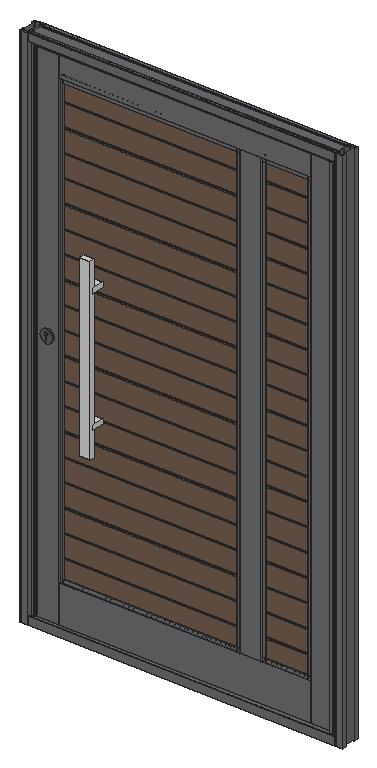
Revit family "Y1321P Y4 CH K RH", category Doors, host Wall, Revit 2024
Family settings
  Host = Wall
  OmniClass Number = 23.30.10.00
  OmniClass Title = Doors
  Always vertical = Yes
  Cut with Voids When Loaded = No
  Shared = No
  Room Calculation Point = No
Parameters
  Function = Interior
  Frame Projection Ext. = 25 mm
  Frame Projection Int. = 25 mm
  Frame Width = 75 mm
  Height = 2120 mm
  Wall Closure = By host
  Width = 1290 mm
  Analytic Construction = "<None>"
Reference planes
  plane 1: y = 0
  plane 2 "Center (Left/Right)": x = 0
  plane 3 "Left": x = -645
  plane 4 "Right": x = 645
  plane 5: z = 2120
  plane 6 "Exterior": y = 75
  plane 7 "Interior": y = -75
Forms (mm)
  Sweep 1, solid, material "ALUMINIUM CHAR (TEST)"
    path origin (0, 75, 0) x (1, 0, 0) y (0, 0, 1)
      loop
        line (-601.2, 30) -> (-601.2, 2075) -> (600, 2075) -> (600, 30)
    profile origin (-0.6, 75, 2075) x (0, 0, 1) y (0, -1, 0)
      loop
        line (15, 55) -> (2.8, 55) -> (2.8, 61.5) -> (0.5, 61.5) -> (0.5, 88.5) -> (2.8, 88.5) -> (2.8, 95) -> (15, 95) -> (15, 97) -> (-0.5, 97)
        arc (-0.5, 97) -> (-1.207, 96.707) -> (-1.5, 96) r 1
        line (-1.5, 96) -> (-1.5, 93.9) -> (-0.5, 93.9) -> (-0.5, 95) -> (1, 95) -> (1, 90.5) -> (-0.5, 90.5) -> (-0.5, 91.631) -> (-1.5, 91.631) -> (-1.5, 58.369) -> (-0.5, 58.369) -> (-0.5, 59.5) -> (1, 59.5) -> (1, 55) -> (-0.5, 55) -> (-0.5, 56.1) -> (-1.5, 56.1) -> (-1.5, 54)
        arc (-1.5, 54) -> (-1.207, 53.293) -> (-0.5, 53) r 1
        line (-0.5, 53) -> (15, 53) -> (15, 55)
  Extrusion 2, solid, material "ALUMINIUM CHAR (TEST)"
    sketch origin (0, 0, 0) x (0, 1, 0) y (0, 0, 1)
      loop
        line (37.5, 2120) -> (22, 2120) -> (22, 2118.5) -> (24.5, 2118.5) -> (24.5, 2115.5) -> (-24.5, 2115.5) -> (-24.5, 2118.5) -> (-22, 2118.5) -> (-22, 2120) -> (-37.5, 2120) -> (-37.5, 2090) -> (-4.189, 2090) -> (7.651, 2090) -> (37.5, 2090) -> (37.5, 2120)
      loop
        line (32.168, 2118.2) -> (30.896, 2116.928) -> (29.5, 2118.324) -> (28, 2116.824) -> (26.3, 2118.524) -> (26.3, 2115.8)
        arc (26.3, 2115.8) -> (25.685, 2114.315) -> (24.2, 2113.7) r 2.1
        line (24.2, 2113.7) -> (-24.2, 2113.7)
        arc (-24.2, 2113.7) -> (-25.685, 2114.315) -> (-26.3, 2115.8) r 2.1
        line (-26.3, 2115.8) -> (-26.3, 2118.524) -> (-28, 2116.824) -> (-29.5, 2118.324) -> (-30.896, 2116.928) -> (-32.168, 2118.2) -> (-35.6, 2118.2) -> (-35.6, 2091.8) -> (-32.168, 2091.8) -> (-30.896, 2093.072) -> (-29.5, 2091.676) -> (-28, 2093.176) -> (-26.624, 2091.8) -> (-19.438, 2091.8) -> (26.624, 2091.8) -> (28, 2093.176) -> (29.5, 2091.676) -> (30.896, 2093.072) -> (32.168, 2091.8) -> (35.6, 2091.8) -> (35.6, 2118.2) -> (32.168, 2118.2)
      loop
        line (37.5, 0) -> (37.5, 30) -> (7.651, 30) -> (-4.189, 30) -> (-37.5, 30) -> (-37.5, 0) -> (-22, 0) -> (-22, 1.5) -> (-24.5, 1.5) -> (-24.5, 4.5) -> (24.5, 4.5) -> (24.5, 1.5) -> (22, 1.5) -> (22, 0) -> (37.5, 0)
      loop
        line (32.168, 1.8) -> (35.6, 1.8) -> (35.6, 28.2) -> (32.168, 28.2) -> (30.896, 26.928) -> (29.5, 28.324) -> (28, 26.824) -> (26.624, 28.2) -> (-19.438, 28.2) -> (-26.624, 28.2) -> (-28, 26.824) -> (-29.5, 28.324) -> (-30.896, 26.928) -> (-32.168, 28.2) -> (-35.6, 28.2) -> (-35.6, 1.8) -> (-32.168, 1.8) -> (-30.896, 3.072) -> (-29.5, 1.676) -> (-28, 3.176) -> (-26.3, 1.476) -> (-26.3, 4.2)
        arc (-26.3, 4.2) -> (-25.685, 5.685) -> (-24.2, 6.3) r 2.1
        line (-24.2, 6.3) -> (24.2, 6.3)
        arc (24.2, 6.3) -> (25.685, 5.685) -> (26.3, 4.2) r 2.1
        line (26.3, 4.2) -> (26.3, 1.476) -> (28, 3.176) -> (29.5, 1.676) -> (30.896, 3.072) -> (32.168, 1.8)
    from -615 to 615
  Extrusion 3, solid, material "ALUMINIUM CHAR (TEST)"
    sketch origin (0, 0, 30) x (1, 0, 0) y (0, 1, 0)
      loop
        arc (598.5, 21) -> (597.5, 22) -> (596.5, 21) r 1
        line (596.5, 21) -> (596.5, -21.179)
        arc (596.5, -21.179) -> (596.26, -21.76) -> (595.679, -22) r 0.821
        line (595.679, -22) -> (584.5, -22)
        arc (584.5, -22) -> (583.5, -23) -> (584.5, -24) r 1
        line (584.5, -24) -> (597.679, -24)
        arc (597.679, -24) -> (598.26, -23.76) -> (598.5, -23.179) r 0.821
        line (598.5, -23.179) -> (598.5, 21)
      loop
        arc (-599.7, -21) -> (-598.7, -22) -> (-597.7, -21) r 1
        line (-597.7, -21) -> (-597.7, 21.179)
        arc (-597.7, 21.179) -> (-597.459, 21.76) -> (-596.879, 22) r 0.821
        line (-596.879, 22) -> (-585.7, 22)
        arc (-585.7, 22) -> (-584.7, 23) -> (-585.7, 24) r 1
        line (-585.7, 24) -> (-598.879, 24)
        arc (-598.879, 24) -> (-599.459, 23.76) -> (-599.7, 23.179) r 0.821
        line (-599.7, 23.179) -> (-599.7, -21)
    from 0 to 2043.5
  Extrusion 4, solid, material "ALUMINIUM CHAR (TEST)"
    sketch origin (0, 0, 0) x (1, 0, 0) y (0, 1, 0)
      loop
        line (-645, 37.5) -> (-645, 22) -> (-643.5, 22) -> (-643.5, 24.5) -> (-640.5, 24.5) -> (-640.5, -24.5) -> (-643.5, -24.5) -> (-643.5, -22) -> (-645, -22) -> (-645, -37.5) -> (-615, -37.5) -> (-615, -17) -> (-615.993, -17) -> (-616.394, -18.496) -> (-617.6, -18.496) -> (-617.6, -0.254) -> (-616.306, -0.254) -> (-616.066, -3) -> (-615, -3) -> (-615, 37.5) -> (-645, 37.5)
      loop
        line (-616.8, 26.624) -> (-618.176, 28) -> (-616.676, 29.5) -> (-618.072, 30.896) -> (-616.8, 32.168) -> (-616.8, 35.6) -> (-643.2, 35.6) -> (-643.2, 32.168) -> (-641.928, 30.896) -> (-643.324, 29.5) -> (-641.824, 28) -> (-643.524, 26.3) -> (-640.8, 26.3)
        arc (-640.8, 26.3) -> (-639.315, 25.685) -> (-638.7, 24.2) r 2.1
        line (-638.7, 24.2) -> (-638.7, -24.2)
        arc (-638.7, -24.2) -> (-639.315, -25.685) -> (-640.8, -26.3) r 2.1
        line (-640.8, -26.3) -> (-643.524, -26.3) -> (-641.824, -28) -> (-643.324, -29.5) -> (-641.928, -30.896) -> (-643.2, -32.168) -> (-643.2, -35.6) -> (-616.8, -35.6) -> (-616.8, -32.168) -> (-618.072, -30.896) -> (-616.676, -29.5) -> (-618.176, -28) -> (-616.8, -26.624) -> (-616.8, -20.239)
        arc (-616.8, -20.239) -> (-618.596, -19.852) -> (-619.4, -18.2) r 2.1
        line (-619.4, -18.2) -> (-619.4, -0.55)
        arc (-619.4, -0.55) -> (-618.596, 1.102) -> (-616.8, 1.49) r 2.1
        line (-616.8, 1.49) -> (-616.8, 26.624)
      loop
        line (645, 37.5) -> (615, 37.5) -> (615, -3) -> (616.066, -3) -> (616.306, -0.254) -> (617.6, -0.254) -> (617.6, -18.496) -> (616.394, -18.496) -> (615.993, -17) -> (615, -17) -> (615, -37.5) -> (645, -37.5) -> (645, -22) -> (643.5, -22) -> (643.5, -24.5) -> (640.5, -24.5) -> (640.5, 24.5) -> (643.5, 24.5) -> (643.5, 22) -> (645, 22) -> (645, 37.5)
      loop
        line (616.8, 26.624) -> (616.8, 1.49)
        arc (616.8, 1.49) -> (618.596, 1.102) -> (619.4, -0.55) r 2.1
        line (619.4, -0.55) -> (619.4, -18.2)
        arc (619.4, -18.2) -> (618.596, -19.852) -> (616.8, -20.239) r 2.1
        line (616.8, -20.239) -> (616.8, -26.624) -> (618.176, -28) -> (616.676, -29.5) -> (618.072, -30.896) -> (616.8, -32.168) -> (616.8, -35.6) -> (643.2, -35.6) -> (643.2, -32.168) -> (641.928, -30.896) -> (643.324, -29.5) -> (641.824, -28) -> (643.524, -26.3) -> (640.8, -26.3)
        arc (640.8, -26.3) -> (639.315, -25.685) -> (638.7, -24.2) r 2.1
        line (638.7, -24.2) -> (638.7, 24.2)
        arc (638.7, 24.2) -> (639.315, 25.685) -> (640.8, 26.3) r 2.1
        line (640.8, 26.3) -> (643.524, 26.3) -> (641.824, 28) -> (643.324, 29.5) -> (641.928, 30.896) -> (643.2, 32.168) -> (643.2, 35.6) -> (616.8, 35.6) -> (616.8, 32.168) -> (618.072, 30.896) -> (616.676, 29.5) -> (618.176, 28) -> (616.8, 26.624)
    from 0 to 2120
  Extrusion 5, solid, material "ALUMINIUM CHAR (TEST)"
    sketch origin (0, 0, -6.5) x (-1, 0, 0) y (0, -1, 0)
      loop
        line (503.5, -22) -> (591.7, -22)
        arc (591.7, -22) -> (592.973, -21.473) -> (593.5, -20.2) r 1.8
        line (593.5, -20.2) -> (593.5, -19.4)
        arc (593.5, -19.4) -> (593, -18.9) -> (592.5, -19.4) r 0.5
        line (592.5, -19.4) -> (592.5, -20.4) -> (591, -20.4) -> (591, -12.8) -> (592.5, -12.8) -> (592.5, -13.8)
        arc (592.5, -13.8) -> (593, -14.3) -> (593.5, -13.8) r 0.5
        line (593.5, -13.8) -> (593.5, 13.8)
        arc (593.5, 13.8) -> (593, 14.3) -> (592.5, 13.8) r 0.5
        line (592.5, 13.8) -> (592.5, 12.8) -> (591, 12.8) -> (591, 20.4) -> (592.5, 20.4) -> (592.5, 19.4)
        arc (592.5, 19.4) -> (593, 18.9) -> (593.5, 19.4) r 0.5
        line (593.5, 19.4) -> (593.5, 20.2)
        arc (593.5, 20.2) -> (592.973, 21.473) -> (591.7, 22) r 1.8
        line (591.7, 22) -> (503.5, 22) -> (503.5, 17) -> (488.5, 17) -> (488.5, 14) -> (489.7, 14) -> (489.7, 15.6) -> (492.2, 15.6) -> (492.893, 15.2) -> (503.5, 15.2) -> (503.5, 2) -> (504.475, 2) -> (504.737, 5) -> (506.1, 5) -> (506.1, -6.618) -> (506.1, -13.5) -> (504.606, -13.5) -> (504.475, -12) -> (503.5, -12) -> (503.5, -22)
      loop
        line (589.2, -20.2) -> (589.2, -12.2)
        arc (589.2, -12.2) -> (589.493, -11.493) -> (590.2, -11.2) r 1
        line (590.2, -11.2) -> (591.5, -11.2) -> (591.5, 11.2) -> (590.2, 11.2)
        arc (590.2, 11.2) -> (589.493, 11.493) -> (589.2, 12.2) r 1
        line (589.2, 12.2) -> (589.2, 20.2) -> (505.3, 20.2) -> (505.3, 17.092) -> (505.3, 6.8) -> (506.5, 6.8)
        arc (506.5, 6.8) -> (507.49, 6.39) -> (507.9, 5.4) r 1.4
        line (507.9, 5.4) -> (507.9, -13.9)
        arc (507.9, -13.9) -> (507.49, -14.89) -> (506.5, -15.3) r 1.4
        line (506.5, -15.3) -> (505.3, -15.3) -> (505.3, -20.2) -> (589.2, -20.2)
      loop
        line (-503.5, -22) -> (-503.5, -12) -> (-504.475, -12) -> (-504.606, -13.5) -> (-506.1, -13.5) -> (-506.1, -7.077) -> (-506.1, 5) -> (-504.737, 5) -> (-504.475, 2) -> (-503.5, 2) -> (-503.5, 15.2) -> (-492.893, 15.2) -> (-492.2, 15.6) -> (-489.7, 15.6) -> (-489.7, 14) -> (-488.5, 14) -> (-488.5, 17) -> (-503.5, 17) -> (-503.5, 22) -> (-591.7, 22)
        arc (-591.7, 22) -> (-592.973, 21.473) -> (-593.5, 20.2) r 1.8
        line (-593.5, 20.2) -> (-593.5, 19.4)
        arc (-593.5, 19.4) -> (-593, 18.9) -> (-592.5, 19.4) r 0.5
        line (-592.5, 19.4) -> (-592.5, 20.4) -> (-591, 20.4) -> (-591, 12.8) -> (-592.5, 12.8) -> (-592.5, 13.8)
        arc (-592.5, 13.8) -> (-593, 14.3) -> (-593.5, 13.8) r 0.5
        line (-593.5, 13.8) -> (-593.5, -13.8)
        arc (-593.5, -13.8) -> (-593, -14.3) -> (-592.5, -13.8) r 0.5
        line (-592.5, -13.8) -> (-592.5, -12.8) -> (-591, -12.8) -> (-591, -20.4) -> (-592.5, -20.4) -> (-592.5, -19.4)
        arc (-592.5, -19.4) -> (-593, -18.9) -> (-593.5, -19.4) r 0.5
        line (-593.5, -19.4) -> (-593.5, -20.2)
        arc (-593.5, -20.2) -> (-592.973, -21.473) -> (-591.7, -22) r 1.8
        line (-591.7, -22) -> (-503.5, -22)
      loop
        line (-589.2, -20.2) -> (-505.3, -20.2) -> (-505.3, -15.3) -> (-506.5, -15.3)
        arc (-506.5, -15.3) -> (-507.49, -14.89) -> (-507.9, -13.9) r 1.4
        line (-507.9, -13.9) -> (-507.9, 5.4)
        arc (-507.9, 5.4) -> (-507.49, 6.39) -> (-506.5, 6.8) r 1.4
        line (-506.5, 6.8) -> (-505.3, 6.8) -> (-505.3, 17.092) -> (-505.3, 20.2) -> (-589.2, 20.2) -> (-589.2, 12.2)
        arc (-589.2, 12.2) -> (-589.493, 11.493) -> (-590.2, 11.2) r 1
        line (-590.2, 11.2) -> (-591.5, 11.2) -> (-591.5, -11.2) -> (-590.2, -11.2)
        arc (-590.2, -11.2) -> (-589.493, -11.493) -> (-589.2, -12.2) r 1
        line (-589.2, -12.2) -> (-589.2, -20.2)
    from 40 to 2080
  Sweep 6, solid, material "ALUMINIUM CHAR (TEST)"
    path origin (0, 75, -6.5) x (-1, 0, 0) y (0, 0, -1)
      loop
        line (503.5, -1996.1) -> (503.5, -190) -> (-220, -190) -> (-220, -1996.1) -> (503.5, -1996.1)
    profile origin (-141.75, 75, 1989.6) x (0, 0, 1) y (0, -1, 0)
      loop
        line (0, 53.6) -> (0, 63) -> (1.1, 63)
        arc (1.1, 63) -> (1.85, 62.492) -> (2.6, 63) r 0.808
        line (2.6, 63) -> (2.6, 79)
        arc (2.6, 79) -> (2.1, 79.5) -> (1.6, 79) r 0.5
        line (1.6, 79) -> (1.6, 75.5) -> (0.6, 75.5) -> (0.6, 65) -> (-1.9, 65) -> (-1.9, 55) -> (-6.3, 55) -> (-6.9, 58) -> (-8.9, 58) -> (-8.9, 57) -> (-7.9, 57) -> (-7.5, 55) -> (-11.8, 55) -> (-11.4, 57) -> (-10.4, 57) -> (-10.4, 58) -> (-12.4, 58) -> (-13, 55) -> (-14.4, 55) -> (-14.4, 57.5)
        arc (-14.4, 57.5) -> (-14.9, 58) -> (-15.4, 57.5) r 0.5
        line (-15.4, 57.5) -> (-15.4, 53.6)
        arc (-15.4, 53.6) -> (-15.224, 53.176) -> (-14.8, 53) r 0.6
        line (-14.8, 53) -> (-0.6, 53)
        arc (-0.6, 53) -> (-0.176, 53.176) -> (0, 53.6) r 0.6
  Sweep 7, solid, material "ALUMINIUM CHAR (TEST)"
    path origin (0.008, 75, 1533.5) x (-1, 0, 0) y (0, 0, -1)
      loop
        line (-304.992, -455) -> (-304.992, 1350) -> (-503.5, 1350) -> (-503.5, -455) -> (-304.992, -455)
    profile origin (404.254, 75, 1988.5) x (0, 0, 1) y (0, -1, 0)
      loop
        line (0, 53.6) -> (0, 63) -> (1.1, 63)
        arc (1.1, 63) -> (1.85, 62.492) -> (2.6, 63) r 0.808
        line (2.6, 63) -> (2.6, 79)
        arc (2.6, 79) -> (2.1, 79.5) -> (1.6, 79) r 0.5
        line (1.6, 79) -> (1.6, 75.5) -> (0.6, 75.5) -> (0.6, 65) -> (-1.9, 65) -> (-1.9, 55) -> (-6.3, 55) -> (-6.9, 58) -> (-8.9, 58) -> (-8.9, 57) -> (-7.9, 57) -> (-7.5, 55) -> (-11.8, 55) -> (-11.4, 57) -> (-10.4, 57) -> (-10.4, 58) -> (-12.4, 58) -> (-13, 55) -> (-14.4, 55) -> (-14.4, 57.5)
        arc (-14.4, 57.5) -> (-14.9, 58) -> (-15.4, 57.5) r 0.5
        line (-15.4, 57.5) -> (-15.4, 53.6)
        arc (-15.4, 53.6) -> (-15.224, 53.176) -> (-14.8, 53) r 0.6
        line (-14.8, 53) -> (-0.6, 53)
        arc (-0.6, 53) -> (-0.176, 53.176) -> (0, 53.6) r 0.6
  Extrusion 8, solid, material "ALUMINIUM BLACK (TEST)"
    sketch origin (350.722, 27.873, -83.123) x (1, 0, 0) y (0, 0, 1)
      loop
        circle (-896.954, 1135.623) r 25
    from 0 to 5
  Extrusion 9, solid, material "ALUMINIUM BLACK (TEST)"
    sketch origin (350.722, -27.873, -83.123) x (1, 0, 0) y (0, 0, -1)
      loop
        circle (-896.954, -1135.623) r 25
    from 0 to 5
  Extrusion 10, void
    sketch origin (85.5, 67.873, -83.123) x (1, 0, 0) y (0, 0, 1)
      loop
        arc (-634.732, 1122.18) -> (-631.732, 1119.18) -> (-628.732, 1122.18) r 3
        line (-628.732, 1122.18) -> (-628.732, 1136.773)
        arc (-628.732, 1136.773) -> (-631.732, 1150.865) -> (-634.732, 1136.773) r 7.365
        line (-634.732, 1136.773) -> (-634.732, 1122.18)
    from 40 to 45
  Extrusion 11, void
    sketch origin (85.5, -67.873, -83.123) x (1, 0, 0) y (0, 0, -1)
      loop
        line (-634.732, -1122.18) -> (-634.732, -1136.773)
        arc (-634.732, -1136.773) -> (-631.732, -1150.865) -> (-628.732, -1136.773) r 7.365
        line (-628.732, -1136.773) -> (-628.732, -1122.18)
        arc (-628.732, -1122.18) -> (-631.732, -1119.18) -> (-634.732, -1122.18) r 3
    from 40 to 45
  Extrusion 12, solid, material "ALUMINIUM CHAR (TEST)"
    sketch origin (-4982.033, 0, 3177.001) x (0, -1, 0) y (1, 0, 0)
      loop
        line (22, 5202.033) -> (22, 5287.033) -> (17, 5287.033) -> (17, 5302.033) -> (14, 5302.033) -> (14, 5300.833) -> (15.6, 5300.833) -> (15.6, 5298.333) -> (15.2, 5297.641) -> (15.2, 5287.033) -> (2, 5287.033) -> (2, 5286.058) -> (5, 5285.796) -> (5, 5284.433) -> (-13.5, 5284.433) -> (-13.5, 5285.927) -> (-12, 5286.058) -> (-12, 5287.033) -> (-22, 5287.033) -> (-22, 5202.033) -> (-12, 5202.033) -> (-12, 5203.008) -> (-13.5, 5203.139) -> (-13.5, 5204.633) -> (5, 5204.633) -> (5, 5203.271) -> (2, 5203.008) -> (2, 5202.033) -> (15.2, 5202.033) -> (15.2, 5191.133) -> (15.6, 5190.441) -> (15.6, 5188.233) -> (14, 5188.233) -> (14, 5187.033) -> (17, 5187.033) -> (17, 5202.033) -> (22, 5202.033)
      loop
        line (20.2, 5285.233) -> (6.8, 5285.233) -> (6.8, 5284.033)
        arc (6.8, 5284.033) -> (6.39, 5283.043) -> (5.4, 5282.633) r 1.4
        line (5.4, 5282.633) -> (-13.9, 5282.633)
        arc (-13.9, 5282.633) -> (-14.89, 5283.043) -> (-15.3, 5284.033) r 1.4
        line (-15.3, 5284.033) -> (-15.3, 5285.233) -> (-20.2, 5285.233) -> (-20.2, 5203.833) -> (-15.3, 5203.833) -> (-15.3, 5205.033)
        arc (-15.3, 5205.033) -> (-14.89, 5206.023) -> (-13.9, 5206.433) r 1.4
        line (-13.9, 5206.433) -> (5.4, 5206.433)
        arc (5.4, 5206.433) -> (6.39, 5206.023) -> (6.8, 5205.033) r 1.4
        line (6.8, 5205.033) -> (6.8, 5203.833) -> (16.581, 5203.833) -> (20.2, 5203.833) -> (20.2, 5285.233)
    from -2993.501 to -1188.501
  Extrusion 13, solid, material "ALUMINIUM CHAR (TEST)"
    sketch origin (0, 0, -6.5) x (0, 1, 0) y (0, 0, -1)
      loop
        line (20.25, -77.453) -> (19.7, -76.5) -> (19.7, -73.5) -> (20.25, -72.547) -> (20.25, -61.8) -> (-20.25, -61.8) -> (-20.25, -72.547) -> (-19.7, -73.5) -> (-19.7, -76.5) -> (-20.25, -77.453) -> (-20.25, -172.747) -> (-19.7, -173.7) -> (-19.7, -176.7) -> (-20.25, -177.653) -> (-20.25, -188.2) -> (-6.55, -188.2) -> (-6.55, -185.6) -> (15.3, -185.6) -> (15.3, -188.2) -> (20.25, -188.2) -> (20.25, -177.653) -> (19.7, -176.7) -> (19.7, -173.7) -> (20.25, -172.747) -> (20.25, -77.453)
      loop
        line (19.7, -60) -> (-19.7, -60) -> (-19.7, -57) -> (-20.25, -56.047) -> (-20.25, -43.6) -> (-17.1, -43.6) -> (-17.1, -42) -> (-20.2, -42) -> (-20.2, -40) -> (-22, -40) -> (-22, -190) -> (-17, -190) -> (-17, -205) -> (-14, -205) -> (-14, -203.8) -> (-15.6, -203.8) -> (-15.6, -201.3) -> (-15.2, -200.607) -> (-15.2, -190) -> (-2, -190) -> (-2, -188.934) -> (-4.75, -188.693) -> (-4.75, -187.4) -> (13.5, -187.4) -> (13.5, -188.605) -> (12, -189.007) -> (12, -190) -> (22, -190) -> (22, -40) -> (20.2, -40) -> (20.2, -42) -> (17.1, -42) -> (17.1, -43.6) -> (20.25, -43.6) -> (20.25, -56.047) -> (19.7, -57) -> (19.7, -60)
      loop
        line (-22, -2080) -> (-20.2, -2080) -> (-20.2, -2078) -> (-17.1, -2078) -> (-17.1, -2076.4) -> (-20.25, -2076.4) -> (-20.25, -2063.953) -> (-19.7, -2063) -> (-19.7, -2060) -> (19.7, -2060) -> (19.7, -2063) -> (20.25, -2063.953) -> (20.25, -2076.4) -> (17.1, -2076.4) -> (17.1, -2078) -> (20.2, -2078) -> (20.2, -2080) -> (22, -2080) -> (22, -1995) -> (12, -1995) -> (12, -1995.993) -> (13.5, -1996.395) -> (13.5, -1997.6) -> (-4.75, -1997.6) -> (-4.75, -1996.307) -> (-2, -1996.066) -> (-2, -1995) -> (-15.2, -1995) -> (-15.2, -1984.393) -> (-15.6, -1983.7) -> (-15.6, -1981.2) -> (-14, -1981.2) -> (-14, -1980) -> (-17, -1980) -> (-17, -1995) -> (-22, -1995) -> (-22, -2080)
      loop
        line (-20.25, -2042.547) -> (-19.7, -2043.5) -> (-19.7, -2046.5) -> (-20.25, -2047.453) -> (-20.25, -2058.2) -> (20.25, -2058.2) -> (20.25, -2047.453) -> (19.7, -2046.5) -> (19.7, -2043.5) -> (20.25, -2042.547) -> (20.25, -2012.253) -> (19.7, -2011.3) -> (19.7, -2008.3) -> (20.25, -2007.347) -> (20.25, -1996.8) -> (15.3, -1996.8) -> (15.3, -1999.4) -> (-6.55, -1999.4) -> (-6.55, -1996.8) -> (-20.25, -1996.8) -> (-20.25, -2007.347) -> (-19.7, -2008.3) -> (-19.7, -2011.3) -> (-20.25, -2012.253) -> (-20.25, -2042.547)
    from -503.5 to 503.5
  Extrusion 14, solid, material "KIAAT (TEST 1)"
    sketch origin (0.008, 114.915, -6.5) x (0, 1, 0) y (0, 0, -1)
      loop
        line (-104.915, -272.7) -> (-104.915, -190) -> (-126.915, -190) -> (-126.915, -272.7) -> (-119.415, -272.7) -> (-119.415, -280.7) -> (-126.915, -280.7) -> (-126.915, -363.4) -> (-119.415, -363.4) -> (-119.415, -371.4) -> (-126.915, -371.4) -> (-126.915, -454.1) -> (-119.415, -454.1) -> (-119.415, -462.1) -> (-126.915, -462.1) -> (-126.915, -544.8) -> (-119.415, -544.8) -> (-119.415, -552.8) -> (-126.915, -552.8) -> (-126.915, -635.5) -> (-119.415, -635.5) -> (-119.415, -643.5) -> (-126.915, -643.5) -> (-126.915, -726.2) -> (-119.415, -726.2) -> (-119.415, -734.2) -> (-126.915, -734.2) -> (-126.915, -816.9) -> (-119.415, -816.9) -> (-119.415, -824.9) -> (-126.915, -824.9) -> (-126.915, -907.6) -> (-119.415, -907.6) -> (-119.415, -915.6) -> (-126.915, -915.6) -> (-126.915, -998.3) -> (-119.415, -998.3) -> (-119.415, -1006.3) -> (-126.915, -1006.3) -> (-126.915, -1089) -> (-119.415, -1089) -> (-119.415, -1097) -> (-126.915, -1097) -> (-126.915, -1179.7) -> (-119.415, -1179.7) -> (-119.415, -1187.7) -> (-126.915, -1187.7) -> (-126.915, -1270.4) -> (-119.415, -1270.4) -> (-119.415, -1278.4) -> (-126.915, -1278.4) -> (-126.915, -1361.1) -> (-119.415, -1361.1) -> (-119.415, -1369.1) -> (-126.915, -1369.1) -> (-126.915, -1451.8) -> (-119.415, -1451.8) -> (-119.415, -1459.8) -> (-126.915, -1459.8) -> (-126.915, -1542.5) -> (-119.415, -1542.5) -> (-119.415, -1550.5) -> (-126.915, -1550.5) -> (-126.915, -1633.2) -> (-119.415, -1633.2) -> (-119.415, -1641.2) -> (-126.915, -1641.2) -> (-126.915, -1723.9) -> (-119.415, -1723.9) -> (-119.415, -1731.9) -> (-126.915, -1731.9) -> (-126.915, -1814.6) -> (-119.415, -1814.6) -> (-119.415, -1822.6) -> (-126.915, -1822.6) -> (-126.915, -1905.3) -> (-119.415, -1905.3) -> (-119.415, -1913.3) -> (-126.915, -1913.3) -> (-126.915, -1995) -> (-104.915, -1995) -> (-104.915, -1913.3) -> (-112.415, -1913.3) -> (-112.415, -1905.3) -> (-104.915, -1905.3) -> (-104.915, -1822.6) -> (-112.415, -1822.6) -> (-112.415, -1814.6) -> (-104.915, -1814.6) -> (-104.915, -1731.9) -> (-112.415, -1731.9) -> (-112.415, -1723.9) -> (-104.915, -1723.9) -> (-104.915, -1641.2) -> (-112.415, -1641.2) -> (-112.415, -1633.2) -> (-104.915, -1633.2) -> (-104.915, -1550.5) -> (-112.415, -1550.5) -> (-112.415, -1542.5) -> (-104.915, -1542.5) -> (-104.915, -1459.8) -> (-112.415, -1459.8) -> (-112.415, -1451.8) -> (-104.915, -1451.8) -> (-104.915, -1369.1) -> (-112.415, -1369.1) -> (-112.415, -1361.1) -> (-104.915, -1361.1) -> (-104.915, -1278.4) -> (-112.415, -1278.4) -> (-112.415, -1270.4) -> (-104.915, -1270.4) -> (-104.915, -1187.7) -> (-112.415, -1187.7) -> (-112.415, -1179.7) -> (-104.915, -1179.7) -> (-104.915, -1097) -> (-112.415, -1097) -> (-112.415, -1089) -> (-104.915, -1089) -> (-104.915, -1006.3) -> (-112.415, -1006.3) -> (-112.415, -998.3) -> (-104.915, -998.3) -> (-104.915, -915.6) -> (-112.415, -915.6) -> (-112.415, -907.6) -> (-104.915, -907.6) -> (-104.915, -824.9) -> (-112.415, -824.9) -> (-112.415, -816.9) -> (-104.915, -816.9) -> (-104.915, -734.2) -> (-112.415, -734.2) -> (-112.415, -726.2) -> (-104.915, -726.2) -> (-104.915, -643.5) -> (-112.415, -643.5) -> (-112.415, -635.5) -> (-104.915, -635.5) -> (-104.915, -552.8) -> (-112.415, -552.8) -> (-112.415, -544.8) -> (-104.915, -544.8) -> (-104.915, -462.1) -> (-112.415, -462.1) -> (-112.415, -454.1) -> (-104.915, -454.1) -> (-104.915, -371.4) -> (-112.415, -371.4) -> (-112.415, -363.4) -> (-104.915, -363.4) -> (-104.915, -280.7) -> (-112.415, -280.7) -> (-112.415, -272.7) -> (-104.915, -272.7)
    from -220.592 to 503.508
  Extrusion 15, solid, material "KIAAT (TEST 1)"
    sketch origin (407.255, 114.915, -6.5) x (0, 1, 0) y (0, 0, -1)
      loop
        line (-104.915, -272.7) -> (-104.915, -190) -> (-126.915, -190) -> (-126.915, -272.7) -> (-119.415, -272.7) -> (-119.415, -280.7) -> (-126.915, -280.7) -> (-126.915, -363.4) -> (-119.415, -363.4) -> (-119.415, -371.4) -> (-126.915, -371.4) -> (-126.915, -454.1) -> (-119.415, -454.1) -> (-119.415, -462.1) -> (-126.915, -462.1) -> (-126.915, -544.8) -> (-119.415, -544.8) -> (-119.415, -552.8) -> (-126.915, -552.8) -> (-126.915, -635.5) -> (-119.415, -635.5) -> (-119.415, -643.5) -> (-126.915, -643.5) -> (-126.915, -726.2) -> (-119.415, -726.2) -> (-119.415, -734.2) -> (-126.915, -734.2) -> (-126.915, -816.9) -> (-119.415, -816.9) -> (-119.415, -824.9) -> (-126.915, -824.9) -> (-126.915, -907.6) -> (-119.415, -907.6) -> (-119.415, -915.6) -> (-126.915, -915.6) -> (-126.915, -998.3) -> (-119.415, -998.3) -> (-119.415, -1006.3) -> (-126.915, -1006.3) -> (-126.915, -1089) -> (-119.415, -1089) -> (-119.415, -1097) -> (-126.915, -1097) -> (-126.915, -1179.7) -> (-119.415, -1179.7) -> (-119.415, -1187.7) -> (-126.915, -1187.7) -> (-126.915, -1270.4) -> (-119.415, -1270.4) -> (-119.415, -1278.4) -> (-126.915, -1278.4) -> (-126.915, -1361.1) -> (-119.415, -1361.1) -> (-119.415, -1369.1) -> (-126.915, -1369.1) -> (-126.915, -1451.8) -> (-119.415, -1451.8) -> (-119.415, -1459.8) -> (-126.915, -1459.8) -> (-126.915, -1542.5) -> (-119.415, -1542.5) -> (-119.415, -1550.5) -> (-126.915, -1550.5) -> (-126.915, -1633.2) -> (-119.415, -1633.2) -> (-119.415, -1641.2) -> (-126.915, -1641.2) -> (-126.915, -1723.9) -> (-119.415, -1723.9) -> (-119.415, -1731.9) -> (-126.915, -1731.9) -> (-126.915, -1814.6) -> (-119.415, -1814.6) -> (-119.415, -1822.6) -> (-126.915, -1822.6) -> (-126.915, -1905.3) -> (-119.415, -1905.3) -> (-119.415, -1913.3) -> (-126.915, -1913.3) -> (-126.915, -1995) -> (-104.915, -1995) -> (-104.915, -1913.3) -> (-112.415, -1913.3) -> (-112.415, -1905.3) -> (-104.915, -1905.3) -> (-104.915, -1822.6) -> (-112.415, -1822.6) -> (-112.415, -1814.6) -> (-104.915, -1814.6) -> (-104.915, -1731.9) -> (-112.415, -1731.9) -> (-112.415, -1723.9) -> (-104.915, -1723.9) -> (-104.915, -1641.2) -> (-112.415, -1641.2) -> (-112.415, -1633.2) -> (-104.915, -1633.2) -> (-104.915, -1550.5) -> (-112.415, -1550.5) -> (-112.415, -1542.5) -> (-104.915, -1542.5) -> (-104.915, -1459.8) -> (-112.415, -1459.8) -> (-112.415, -1451.8) -> (-104.915, -1451.8) -> (-104.915, -1369.1) -> (-112.415, -1369.1) -> (-112.415, -1361.1) -> (-104.915, -1361.1) -> (-104.915, -1278.4) -> (-112.415, -1278.4) -> (-112.415, -1270.4) -> (-104.915, -1270.4) -> (-104.915, -1187.7) -> (-112.415, -1187.7) -> (-112.415, -1179.7) -> (-104.915, -1179.7) -> (-104.915, -1097) -> (-112.415, -1097) -> (-112.415, -1089) -> (-104.915, -1089) -> (-104.915, -1006.3) -> (-112.415, -1006.3) -> (-112.415, -998.3) -> (-104.915, -998.3) -> (-104.915, -915.6) -> (-112.415, -915.6) -> (-112.415, -907.6) -> (-104.915, -907.6) -> (-104.915, -824.9) -> (-112.415, -824.9) -> (-112.415, -816.9) -> (-104.915, -816.9) -> (-104.915, -734.2) -> (-112.415, -734.2) -> (-112.415, -726.2) -> (-104.915, -726.2) -> (-104.915, -643.5) -> (-112.415, -643.5) -> (-112.415, -635.5) -> (-104.915, -635.5) -> (-104.915, -552.8) -> (-112.415, -552.8) -> (-112.415, -544.8) -> (-104.915, -544.8) -> (-104.915, -462.1) -> (-112.415, -462.1) -> (-112.415, -454.1) -> (-104.915, -454.1) -> (-104.915, -371.4) -> (-112.415, -371.4) -> (-112.415, -363.4) -> (-104.915, -363.4) -> (-104.915, -280.7) -> (-112.415, -280.7) -> (-112.415, -272.7) -> (-104.915, -272.7)
    from -96.245 to 102.855
  Extrusion 16, solid, material "Stainless Steel Lever Handle"
    sketch origin (503.242, -71.398, 705) x (1, 0, 0) y (0, 1, 0)
      loop
        line (-878.538, 126.398) -> (-838.538, 126.398) -> (-838.538, 146.398) -> (-878.538, 146.398) -> (-878.538, 126.398)
    from 0 to 710
  Extrusion 17, solid, material "Stainless Steel Lever Handle"
    sketch origin (503.242, 60, -375) x (1, 0, 0) y (0, 0, 1)
      loop
        line (-878.538, 1690) -> (-878.538, 1670) -> (-838.538, 1670) -> (-838.538, 1690) -> (-878.538, 1690)
      loop
        line (-878.538, 1180) -> (-838.538, 1180) -> (-838.538, 1200) -> (-878.538, 1200) -> (-878.538, 1180)
    from 0 to 50
  Extrusion 18, solid, material "Stainless Steel Lever Handle"
    sketch origin (503.242, 69.398, 705) x (1, 0, 0) y (0, 1, 0)
      loop
        line (-878.538, -126.398) -> (-878.538, -146.398) -> (-838.538, -146.398) -> (-838.538, -126.398) -> (-878.538, -126.398)
    from 0 to 710
  Extrusion 19, solid, material "Stainless Steel Lever Handle"
    sketch origin (503.242, -62, -375) x (1, 0, 0) y (0, 0, -1)
      loop
        line (-878.538, -1690) -> (-838.538, -1690) -> (-838.538, -1670) -> (-878.538, -1670) -> (-878.538, -1690)
      loop
        line (-878.538, -1180) -> (-878.538, -1200) -> (-838.538, -1200) -> (-838.538, -1180) -> (-878.538, -1180)
    from 0 to 50
Cuts and joins
  Extrusion 10 cuts Extrusion 8
  Extrusion 11 cuts Extrusion 9
Lines and regions (mm)
  Opening 1
    outline origin (-5000, -75, 0) x (1, 0, 0) y (0, 0, 1)
      loop
        line (4355, 0) -> (5645, 0) -> (5645, 2120) -> (4355, 2120) -> (4355, 0)
  model lines
    curve 1: line (-602.851, 22.5, 0) -> (602.851, 22.5, 0)
    curve 2: line (-603, -13, 0) -> (603, -13, 0)
    curve 8: line (300, -22.5, 0) -> (300, -925.5, 0)
    curve 9: arc (-603, -22.5, 0) -> (-338.517, -661.017, 0) -> (300, -925.5, 0) r 903
    curve 10: line (300, 13, 0) -> (300, 316, 0)
    curve 11: arc (300, 316, 0) -> (514.253, 227.253, 0) -> (603, 13, 0) r 303
    curve 12: line (603, 22.5, 0) -> (-603, 22.5, 0)
    curve 13: line (300, 0, 0) -> (300, 0, 2078)
  symbolic lines, style "Elevation Swing"
    curve 3: line (-645, -75, 1060) -> (300, -75, 2078)
    curve 4: line (-645, -75, 1060) -> (300, -75, 0)
    curve 5: line (598.5, -75, 1060.342) -> (300, -75, 2078)
    curve 6: line (598.5, -75, 1060.342) -> (300, -75, 0)
  model lines, style "Elevation Swing"
    curve 7: line (300, 0, 0) -> (300, 0, 2078)
Text (mm)
  text "Exterior" at (-2295.016, 1099.543, 0), in view "Ref. Level"
  text "Exterior" at (0, 1615.38, 3698.081), in view "Left"
  text "Exterior" at (0, 1036.032, 3874.932), in view "Right"
Dimensions and locks
  equal spacing: plane 3 "Left", plane 2 "Center (Left/Right)", plane 4 "Right"
  "Width": plane 3 "Left" to plane 4 "Right"
  "Height": plane 5 to host wall
  host wall to plane 5 = 2120 mm  (x2)
  locked: plane 6 "Exterior" to host wall
  locked: plane 7 "Interior" to host wall
  plane 3 "Left" to plane 4 "Right" = 1290 mm  (x2)
  aligned and locked: plane 1 to host wall
  aligned and locked: Opening 1 sketch curve to level
Automatic sketch dimensions
  curve 13 to level = 0 mm
  curve 7 to level = 0 mm
  plane 5 to curve 13 = 42 mm
  curve 7 to curve 13 = 0 mm  (x2)
  plane 2 "Center (Left/Right)" to curve 13 = 300 mm
  plane 3 "Left" to curve 4 = 0 mm
  curve 4 to level = 0 mm
  plane 2 "Center (Left/Right)" to curve 4 = 300 mm
  plane 5 to curve 5 = 42 mm
  plane 2 "Center (Left/Right)" to curve 5 = 300 mm
  plane 4 "Right" to curve 6 = 46.5 mm
  level to curve 4 = 1060 mm
  plane 5 to curve 6 = 1059.658 mm
  plane 2 "Center (Left/Right)" to curve 8 = 300 mm
  curve 11 to host wall = 13 mm
  curve 11 to curve 8 = 0 mm
  host wall to curve 9 = 22.5 mm
  host wall to curve 8 = 850.5 mm
  host wall to curve 10 = 241 mm
  curve 1 to plane 3 "Left" = 42.149 mm
  curve 2 to curve 9 = 0 mm
  curve 1 to curve 11 = 0.149 mm
  host wall to curve 2 = 13 mm
  curve 2 to curve 11 = 0 mm
  curve 8 to curve 9 = 0 mm
  curve 10 to curve 11 = 0 mm
  plane 3 "Left" to Opening 1 sketch curve = 0 mm
  plane 4 "Right" to Opening 1 sketch curve = 0 mm
  Opening 1 sketch curve to plane 5 = 0 mm
  Sweep 1 sketch curve to plane 3 "Left" = 43.8 mm
  plane 4 "Right" to Sweep 1 sketch curve = 45 mm
  plane 5 to Sweep 1 sketch curve = 45 mm
  level to Sweep 1 sketch curve = 30 mm  (x2)
  profile plane to Sweep 1 sketch curve = 1.5 mm  (x3)
  profile plane to Sweep 1 sketch curve = 0.5 mm  (x6)
  Sweep 1 sketch curve to profile plane = 0.5 mm
  Sweep 1 sketch curve to profile plane = 1 mm  (x2)
  Sweep 1 sketch curve to Sweep 1 sketch curve = 1.8 mm
  Sweep 1 sketch curve to Sweep 1 sketch curve = 2.3 mm
  Sweep 1 sketch curve to Sweep 1 sketch curve = 12.2 mm  (x2)
  profile plane to Sweep 1 sketch curve = 53 mm
  Sweep 1 sketch curve to Sweep 1 sketch curve = 1 mm  (x3)
  Sweep 1 sketch curve to Sweep 1 sketch curve = 1.1 mm  (x2)
  Sweep 1 sketch curve to Sweep 1 sketch curve = 2.269 mm  (x2)
  Sweep 1 sketch curve to Sweep 1 sketch curve = 1.131 mm  (x2)
  Sweep 1 sketch curve to Sweep 1 sketch curve = 2 mm  (x2)
  Sweep 1 sketch curve to Sweep 1 sketch curve = 27 mm
  Sweep 1 sketch curve to Sweep 1 sketch curve = 6.5 mm
  Extrusion 2 sketch curve to level = 0 mm  (x2)
  plane 5 to Extrusion 2 sketch curve = 0 mm  (x2)
  host wall to Extrusion 2 sketch curve = 37.5 mm  (x2)
  Extrusion 2 sketch curve to Extrusion 2 sketch curve = 1.9 mm  (x4)
  Extrusion 2 sketch curve to Extrusion 2 sketch curve = 3.432 mm  (x6)
  plane 5 to Extrusion 2 sketch curve = 3.072 mm  (x2)
  Extrusion 2 sketch curve to Extrusion 2 sketch curve = 1.272 mm  (x12)
  level to Extrusion 2 sketch curve = 3.072 mm  (x2)
  Extrusion 2 sketch curve to Extrusion 2 sketch curve = 1.396 mm  (x8)
  plane 5 to Extrusion 2 sketch curve = 1.676 mm  (x2)
  level to Extrusion 2 sketch curve = 1.676 mm  (x2)
  plane 5 to Extrusion 2 sketch curve = 3.176 mm  (x2)
  Extrusion 2 sketch curve to Extrusion 2 sketch curve = 1.5 mm  (x6)
  level to Extrusion 2 sketch curve = 3.176 mm  (x2)
  Extrusion 2 sketch curve to Extrusion 2 sketch curve = 1.376 mm  (x4)
  Extrusion 2 sketch curve to Extrusion 2 sketch curve = 1.7 mm  (x4)
  Extrusion 2 sketch curve to Extrusion 2 sketch curve = 1.8 mm  (x5)
  Extrusion 2 sketch curve to Extrusion 2 sketch curve = 0.3 mm  (x6)
  Extrusion 2 sketch curve to Extrusion 2 sketch curve = 2.5 mm  (x2)
  Extrusion 2 sketch curve to Extrusion 2 sketch curve = 7.186 mm  (x2)
  host wall to Extrusion 2 sketch curve = 4.189 mm  (x2)
  Extrusion 2 sketch curve to host wall = 7.651 mm  (x2)
  level to Extrusion 2 sketch curve = 1.5 mm  (x2)
  Extrusion 2 sketch curve to host wall = 22 mm  (x2)
  Extrusion 2 sketch curve to Extrusion 2 sketch curve = 2.2 mm  (x2)
  plane 5 to Extrusion 2 sketch curve = 1.476 mm
  level to Extrusion 2 sketch curve = 1.476 mm
  Extrusion 2 sketch curve to Extrusion 2 sketch curve = 18.973 mm  (x2)
  Extrusion 2 sketch curve to Extrusion 2 sketch curve = 1.024 mm
  Extrusion 2 sketch curve to Extrusion 2 sketch curve = 20.524 mm  (x2)
  Extrusion 2 sketch curve to Extrusion 2 sketch curve = 0.104 mm  (x2)
  Extrusion 2 sketch curve to Extrusion 2 sketch curve = 26.928 mm
  Extrusion 2 sketch curve to Extrusion 2 sketch curve = 1.676 mm  (x2)
  Extrusion 2 sketch curve to Extrusion 2 sketch curve = 0.124 mm  (x2)
  Extrusion 2 sketch curve to Extrusion 2 sketch curve = 3.124 mm
  plane 5 to Extrusion 2 sketch curve = 1.5 mm  (x2)
  Extrusion 3 sketch curve to plane 3 "Left" = 45.3 mm
  Extrusion 3 sketch curve to Extrusion 3 sketch curve = 0.821 mm  (x4)
  Extrusion 3 sketch curve to Extrusion 3 sketch curve = 1 mm  (x4)
  Extrusion 3 sketch curve to Extrusion 3 sketch curve = 11.179 mm  (x2)
  host wall to Extrusion 3 sketch curve = 24 mm
  plane 4 "Right" to Extrusion 3 sketch curve = 60.5 mm
  host wall to Extrusion 3 sketch curve = 21 mm
  Extrusion 3 sketch curve to host wall = 21 mm
  Extrusion 3 sketch curve to host wall = 21.179 mm
  Extrusion 4 sketch curve to plane 3 "Left" = 0 mm  (x2)
  Extrusion 4 sketch curve to plane 4 "Right" = 0 mm  (x2)
  Extrusion 4 sketch curve to plane 3 "Left" = 1.476 mm  (x2)
  Extrusion 4 sketch curve to plane 3 "Left" = 1.5 mm  (x2)
  Extrusion 4 sketch curve to plane 3 "Left" = 1.676 mm  (x2)
  Extrusion 4 sketch curve to plane 3 "Left" = 1.8 mm  (x2)
  Extrusion 4 sketch curve to Extrusion 4 sketch curve = 1.272 mm  (x12)
  Extrusion 4 sketch curve to Extrusion 4 sketch curve = 1.5 mm  (x4)
  Extrusion 4 sketch curve to Extrusion 4 sketch curve = 1.024 mm  (x4)
  Extrusion 4 sketch curve to Extrusion 4 sketch curve = 0.3 mm  (x8)
  Extrusion 4 sketch curve to Extrusion 4 sketch curve = 1.8 mm  (x8)
  host wall to Extrusion 4 sketch curve = 0.55 mm  (x2)
  Extrusion 4 sketch curve to plane 3 "Left" = 25.6 mm
  Extrusion 4 sketch curve to Extrusion 4 sketch curve = 20.524 mm
  Extrusion 4 sketch curve to Extrusion 4 sketch curve = 1.224 mm
  Extrusion 4 sketch curve to Extrusion 4 sketch curve = 0.104 mm  (x4)
  Extrusion 4 sketch curve to Extrusion 4 sketch curve = 1.376 mm  (x8)
  Extrusion 4 sketch curve to Extrusion 4 sketch curve = 1.396 mm  (x6)
  Extrusion 4 sketch curve to Extrusion 4 sketch curve = 0.906 mm  (x2)
  host wall to Extrusion 4 sketch curve = 0.254 mm  (x2)
  Extrusion 4 sketch curve to Extrusion 4 sketch curve = 0.994 mm  (x2)
  Extrusion 4 sketch curve to Extrusion 4 sketch curve = 1.234 mm
  Extrusion 4 sketch curve to Extrusion 4 sketch curve = 0.401 mm  (x2)
  plane 4 "Right" to Extrusion 4 sketch curve = 30 mm
  Extrusion 4 sketch curve to Extrusion 4 sketch curve = 0 mm
  Extrusion 4 sketch curve to Extrusion 4 sketch curve = 0.993 mm
  Extrusion 4 sketch curve to Extrusion 4 sketch curve = 1.066 mm
  Extrusion 4 sketch curve to Extrusion 4 sketch curve = 0.24 mm
  Extrusion 4 sketch curve to Extrusion 4 sketch curve = 1.676 mm  (x2)
  Extrusion 4 sketch curve to Extrusion 4 sketch curve = 0.124 mm  (x4)
  plane 4 "Right" to Extrusion 4 sketch curve = 6.3 mm
  plane 4 "Right" to Extrusion 4 sketch curve = 1.676 mm  (x2)
  plane 4 "Right" to Extrusion 4 sketch curve = 1.5 mm  (x2)
  plane 4 "Right" to Extrusion 4 sketch curve = 1.476 mm  (x2)
  Extrusion 4 sketch curve to Extrusion 4 sketch curve = 2.45 mm  (x2)
  Extrusion 4 sketch curve to Extrusion 4 sketch curve = 14 mm  (x2)
  Extrusion 4 sketch curve to Extrusion 4 sketch curve = 1.2 mm  (x2)
  Extrusion 4 sketch curve to Extrusion 4 sketch curve = 0.296 mm  (x2)
  host wall to Extrusion 4 sketch curve = 22 mm  (x2)
  Extrusion 4 sketch curve to Extrusion 4 sketch curve = 2.2 mm  (x4)
  Extrusion 4 sketch curve to Extrusion 4 sketch curve = 6.385 mm  (x2)
  Extrusion 4 sketch curve to Extrusion 4 sketch curve = 1.7 mm  (x4)
  Extrusion 4 sketch curve to Extrusion 4 sketch curve = 3.432 mm  (x4)
  Extrusion 4 sketch curve to Extrusion 4 sketch curve = 1.9 mm  (x4)
  Extrusion 4 sketch curve to host wall = 22 mm  (x2)
  Extrusion 4 sketch curve to Extrusion 4 sketch curve = 2.424 mm  (x2)
  curve 12 to plane 3 "Left" = 42 mm
  plane 4 "Right" to curve 12 = 42 mm
  curve 12 to host wall = 22.5 mm
  plane 4 "Right" to Extrusion 5 sketch curve = 51.5 mm
  Extrusion 5 sketch curve to Extrusion 5 sketch curve = 0 mm  (x6)
  Extrusion 5 sketch curve to Extrusion 5 sketch curve = 0.5 mm  (x7)
  Extrusion 5 sketch curve to Extrusion 5 sketch curve = 0.8 mm  (x10)
  Extrusion 5 sketch curve to Extrusion 5 sketch curve = 1 mm  (x7)
  Extrusion 5 sketch curve to Extrusion 5 sketch curve = 0.7 mm  (x3)
  Extrusion 5 sketch curve to Extrusion 5 sketch curve = 1.5 mm  (x4)
  Extrusion 5 sketch curve to Extrusion 5 sketch curve = 1.3 mm  (x2)
  Extrusion 5 sketch curve to Extrusion 5 sketch curve = 1.8 mm  (x8)
  host wall to Extrusion 5 sketch curve = 5.4 mm
  Extrusion 5 sketch curve to Extrusion 5 sketch curve = 81.3 mm
  Extrusion 5 sketch curve to Extrusion 5 sketch curve = 1.4 mm  (x4)
  Extrusion 5 sketch curve to Extrusion 5 sketch curve = 0.4 mm  (x6)
  Extrusion 5 sketch curve to Extrusion 5 sketch curve = 1.2 mm  (x6)
  host wall to Extrusion 5 sketch curve = 5 mm  (x2)
  Extrusion 5 sketch curve to Extrusion 5 sketch curve = 1.363 mm  (x2)
  Extrusion 5 sketch curve to Extrusion 5 sketch curve = 1.494 mm
  Extrusion 5 sketch curve to Extrusion 5 sketch curve = 0.262 mm  (x2)
  Extrusion 5 sketch curve to Extrusion 5 sketch curve = 0.131 mm  (x2)
  Extrusion 5 sketch curve to Extrusion 5 sketch curve = 10.607 mm  (x2)
  Extrusion 5 sketch curve to Extrusion 5 sketch curve = 0.693 mm  (x2)
  Extrusion 5 sketch curve to Extrusion 5 sketch curve = 2.5 mm  (x2)
  host wall to Extrusion 5 sketch curve = 14 mm  (x2)
  Extrusion 5 sketch curve to plane 3 "Left" = 156.5 mm
  host wall to Extrusion 5 sketch curve = 15.2 mm
  host wall to Extrusion 5 sketch curve = 2 mm  (x2)
  Extrusion 5 sketch curve to Extrusion 5 sketch curve = 0.975 mm  (x2)
  Extrusion 5 sketch curve to host wall = 12 mm
  Extrusion 5 sketch curve to host wall = 13.5 mm  (x2)
  Extrusion 5 sketch curve to Extrusion 5 sketch curve = 0.563 mm
  Extrusion 5 sketch curve to Extrusion 5 sketch curve = 0.694 mm
  host wall to Extrusion 5 sketch curve = 12.2 mm
  Extrusion 5 sketch curve to plane 3 "Left" = 55.8 mm
  Extrusion 5 sketch curve to host wall = 12.2 mm
  Extrusion 5 sketch curve to Extrusion 5 sketch curve = 2.6 mm
  Extrusion 5 sketch curve to host wall = 13.8 mm
  Extrusion 5 sketch curve to Extrusion 5 sketch curve = 5.6 mm  (x4)
  Extrusion 5 sketch curve to Extrusion 5 sketch curve = 4.9 mm
  Extrusion 5 sketch curve to Extrusion 5 sketch curve = 0.2 mm  (x4)
  Extrusion 5 sketch curve to Extrusion 5 sketch curve = 0.6 mm  (x3)
  Extrusion 5 sketch curve to Extrusion 5 sketch curve = 4.923 mm
  Extrusion 5 sketch curve to Extrusion 5 sketch curve = 5.382 mm
  host wall to Extrusion 5 sketch curve = 11.2 mm
  Extrusion 5 sketch curve to Extrusion 5 sketch curve = 1.6 mm
  Extrusion 5 sketch curve to Extrusion 5 sketch curve = 0.092 mm  (x2)
  Extrusion 5 sketch curve to Extrusion 5 sketch curve = 3.108 mm
  profile plane to Sweep 6 sketch curve = 0 mm
  Sweep 6 sketch curve to Sweep 6 sketch curve = 0.6 mm  (x2)
  profile plane to Sweep 6 sketch curve = 1.9 mm
  Sweep 6 sketch curve to Sweep 6 sketch curve = 4.4 mm
  Sweep 6 sketch curve to Sweep 6 sketch curve = 1.2 mm  (x2)
  Sweep 6 sketch curve to Sweep 6 sketch curve = 1 mm  (x6)
  Sweep 6 sketch curve to Sweep 6 sketch curve = 1.5 mm
  Sweep 6 sketch curve to Sweep 6 sketch curve = 0.4 mm  (x2)
  Sweep 6 sketch curve to Sweep 6 sketch curve = 2 mm  (x4)
  Sweep 6 sketch curve to Sweep 6 sketch curve = 0.5 mm  (x2)
  Sweep 6 sketch curve to profile plane = 0.6 mm
  Sweep 6 sketch curve to Sweep 6 sketch curve = 1.1 mm
  Sweep 6 sketch curve to profile plane = 1.6 mm
  Sweep 6 sketch curve to Sweep 6 sketch curve = 0.75 mm
  profile plane to Sweep 6 sketch curve = 53 mm
  Sweep 6 sketch curve to Sweep 6 sketch curve = 1.4 mm
  Sweep 6 sketch curve to Sweep 6 sketch curve = 0 mm  (x2)
  Sweep 6 sketch curve to Sweep 6 sketch curve = 2.5 mm
  Sweep 6 sketch curve to Sweep 6 sketch curve = 8 mm
  Sweep 6 sketch curve to Sweep 6 sketch curve = 0.3 mm
  Sweep 6 sketch curve to Sweep 6 sketch curve = 10.5 mm
  Sweep 6 sketch curve to Sweep 6 sketch curve = 3.5 mm
  plane 4 "Right" to Sweep 7 sketch curve = 141.492 mm
  Sweep 7 sketch curve to Sweep 7 sketch curve = 198.508 mm
  plane 5 to Sweep 7 sketch curve = 131.5 mm
  level to Sweep 7 sketch curve = 183.5 mm
  profile plane to Sweep 7 sketch curve = 0 mm
  Sweep 7 sketch curve to Sweep 7 sketch curve = 0.6 mm  (x2)
  profile plane to Sweep 7 sketch curve = 1.9 mm
  Sweep 7 sketch curve to Sweep 7 sketch curve = 4.4 mm
  Sweep 7 sketch curve to Sweep 7 sketch curve = 1.2 mm  (x2)
  Sweep 7 sketch curve to Sweep 7 sketch curve = 1 mm  (x6)
  Sweep 7 sketch curve to Sweep 7 sketch curve = 1.5 mm
  Sweep 7 sketch curve to Sweep 7 sketch curve = 0.4 mm  (x2)
  Sweep 7 sketch curve to Sweep 7 sketch curve = 2 mm  (x4)
  Sweep 7 sketch curve to Sweep 7 sketch curve = 0.5 mm  (x2)
  Sweep 7 sketch curve to profile plane = 0.6 mm
  Sweep 7 sketch curve to Sweep 7 sketch curve = 1.1 mm
  Sweep 7 sketch curve to profile plane = 1.6 mm
  Sweep 7 sketch curve to Sweep 7 sketch curve = 0.75 mm
  profile plane to Sweep 7 sketch curve = 53 mm
  Sweep 7 sketch curve to Sweep 7 sketch curve = 1.4 mm
  Sweep 7 sketch curve to Sweep 7 sketch curve = 0 mm  (x2)
  Sweep 7 sketch curve to Sweep 7 sketch curve = 2.5 mm
  Sweep 7 sketch curve to Sweep 7 sketch curve = 8 mm
  Sweep 7 sketch curve to Sweep 7 sketch curve = 0.3 mm
  Sweep 7 sketch curve to Sweep 7 sketch curve = 10.5 mm
  Sweep 7 sketch curve to Sweep 7 sketch curve = 3.5 mm
  Extrusion 8 sketch curve to plane 3 "Left" = 98.768 mm
  level to Extrusion 8 sketch curve = 1052.5 mm
  Extrusion 9 sketch curve to plane 3 "Left" = 98.768 mm
  level to Extrusion 9 sketch curve = 1052.5 mm
  Extrusion 10 sketch curve to plane 3 "Left" = 95.768 mm
  Extrusion 10 sketch curve to Extrusion 10 sketch curve = 3 mm  (x2)
  level to Extrusion 10 sketch curve = 1039.058 mm
  Extrusion 10 sketch curve to Extrusion 10 sketch curve = 14.593 mm
  Extrusion 10 sketch curve to Extrusion 10 sketch curve = 6.726 mm
  Extrusion 11 sketch curve to plane 3 "Left" = 95.768 mm
  Extrusion 11 sketch curve to Extrusion 11 sketch curve = 3 mm  (x2)
  plane 5 to Extrusion 11 sketch curve = 1059.623 mm
  Extrusion 11 sketch curve to Extrusion 11 sketch curve = 6.726 mm
  Extrusion 11 sketch curve to Extrusion 11 sketch curve = 14.593 mm
  host wall to Extrusion 13 sketch curve = 22 mm  (x2)
  Extrusion 13 sketch curve to Extrusion 13 sketch curve = 1.75 mm  (x4)
  host wall to Extrusion 13 sketch curve = 20.25 mm  (x2)
  Extrusion 13 sketch curve to Extrusion 13 sketch curve = 0 mm  (x8)
  Extrusion 13 sketch curve to Extrusion 13 sketch curve = 0.05 mm  (x2)
  Extrusion 13 sketch curve to Extrusion 13 sketch curve = 0.55 mm  (x13)
  Extrusion 13 sketch curve to Extrusion 13 sketch curve = 3.1 mm  (x4)
  Extrusion 13 sketch curve to Extrusion 13 sketch curve = 5 mm
  Extrusion 13 sketch curve to Extrusion 13 sketch curve = 3.25 mm
  Extrusion 13 sketch curve to Extrusion 13 sketch curve = 1.4 mm  (x2)
  Extrusion 13 sketch curve to Extrusion 13 sketch curve = 1.8 mm  (x14)
  Extrusion 13 sketch curve to Extrusion 13 sketch curve = 0.4 mm
  Extrusion 13 sketch curve to Extrusion 13 sketch curve = 1.6 mm  (x6)
  host wall to Extrusion 13 sketch curve = 6.55 mm  (x2)
  host wall to Extrusion 13 sketch curve = 2 mm  (x2)
  Extrusion 13 sketch curve to host wall = 12 mm  (x2)
  Extrusion 13 sketch curve to Extrusion 13 sketch curve = 1.5 mm  (x2)
  Extrusion 13 sketch curve to host wall = 17.1 mm  (x2)
  Extrusion 13 sketch curve to host wall = 19.7 mm
  Extrusion 13 sketch curve to Extrusion 13 sketch curve = 4.4 mm  (x2)
  Extrusion 13 sketch curve to Extrusion 13 sketch curve = 2.6 mm  (x2)
  Extrusion 13 sketch curve to Extrusion 13 sketch curve = 4.95 mm
  plane 5 to Extrusion 13 sketch curve = 46.5 mm
  Extrusion 13 sketch curve to Extrusion 13 sketch curve = 2 mm  (x4)
  Extrusion 13 sketch curve to Extrusion 13 sketch curve = 12.447 mm  (x4)
  Extrusion 13 sketch curve to Extrusion 13 sketch curve = 0.953 mm  (x20)
  Extrusion 13 sketch curve to Extrusion 13 sketch curve = 3 mm  (x11)
  Extrusion 13 sketch curve to Extrusion 13 sketch curve = 10.747 mm  (x3)
  Extrusion 13 sketch curve to Extrusion 13 sketch curve = 30.295 mm  (x2)
  Extrusion 13 sketch curve to Extrusion 13 sketch curve = 7.947 mm  (x2)
  Extrusion 13 sketch curve to Extrusion 13 sketch curve = 10.547 mm  (x2)
  Extrusion 13 sketch curve to Extrusion 13 sketch curve = 0.8 mm
  Extrusion 13 sketch curve to Extrusion 13 sketch curve = 1.205 mm
  Extrusion 13 sketch curve to Extrusion 13 sketch curve = 1.293 mm  (x2)
  Extrusion 13 sketch curve to Extrusion 13 sketch curve = 0.241 mm  (x2)
  Extrusion 13 sketch curve to Extrusion 13 sketch curve = 0.402 mm  (x2)
  Extrusion 13 sketch curve to Extrusion 13 sketch curve = 10.607 mm  (x2)
  Extrusion 13 sketch curve to Extrusion 13 sketch curve = 0.693 mm  (x2)
  Extrusion 13 sketch curve to Extrusion 13 sketch curve = 2.5 mm  (x2)
  Extrusion 13 sketch curve to Extrusion 13 sketch curve = 1.2 mm  (x2)
  level to Extrusion 13 sketch curve = 198.5 mm
  Extrusion 13 sketch curve to Extrusion 13 sketch curve = 0.993 mm
  Extrusion 13 sketch curve to Extrusion 13 sketch curve = 1.066 mm
  Extrusion 13 sketch curve to Extrusion 13 sketch curve = 0.405 mm
  level to Extrusion 13 sketch curve = 70.953 mm
  host wall to Extrusion 14 sketch curve = 12 mm  (x7)
  Extrusion 14 sketch curve to Extrusion 14 sketch curve = 0 mm  (x45)
  host wall to Extrusion 14 sketch curve = 4.5 mm  (x19)
  Extrusion 14 sketch curve to host wall = 2.5 mm  (x19)
  Extrusion 14 sketch curve to Extrusion 14 sketch curve = 7.5 mm  (x20)
  plane 5 to Extrusion 14 sketch curve = 131.5 mm
  Extrusion 14 sketch curve to Extrusion 14 sketch curve = 81.7 mm
  Extrusion 14 sketch curve to Extrusion 14 sketch curve = 8 mm  (x25)
  Extrusion 14 sketch curve to Extrusion 14 sketch curve = 82.7 mm  (x19)
  host wall to Extrusion 15 sketch curve = 12 mm  (x7)
  Extrusion 15 sketch curve to Extrusion 15 sketch curve = 0 mm  (x45)
  host wall to Extrusion 15 sketch curve = 4.5 mm  (x19)
  Extrusion 15 sketch curve to host wall = 2.5 mm  (x19)
  Extrusion 15 sketch curve to Extrusion 15 sketch curve = 7.5 mm  (x20)
  plane 5 to Extrusion 15 sketch curve = 131.5 mm
  Extrusion 15 sketch curve to Extrusion 15 sketch curve = 81.7 mm
  Extrusion 15 sketch curve to Extrusion 15 sketch curve = 8 mm  (x25)
  Extrusion 15 sketch curve to Extrusion 15 sketch curve = 82.7 mm  (x19)
  Extrusion 16 sketch curve to host wall = 0 mm
  Extrusion 16 sketch curve to host wall = 20 mm
  Extrusion 16 sketch curve to plane 3 "Left" = 269.704 mm
  Extrusion 16 sketch curve to Extrusion 16 sketch curve = 40 mm
  Extrusion 17 sketch curve to plane 3 "Left" = 269.704 mm  (x2)
  Extrusion 17 sketch curve to Extrusion 17 sketch curve = 40 mm  (x2)
  level to Extrusion 17 sketch curve = 805 mm
  Extrusion 17 sketch curve to Extrusion 17 sketch curve = 20 mm  (x2)
  Extrusion 17 sketch curve to Extrusion 17 sketch curve = 470 mm
  Extrusion 18 sketch curve to host wall = 18 mm
  Extrusion 18 sketch curve to plane 3 "Left" = 269.704 mm
  host wall to Extrusion 18 sketch curve = 2 mm
  Extrusion 18 sketch curve to Extrusion 18 sketch curve = 40 mm
  Extrusion 19 sketch curve to plane 3 "Left" = 269.704 mm  (x2)
  Extrusion 19 sketch curve to Extrusion 19 sketch curve = 40 mm  (x2)
  plane 5 to Extrusion 19 sketch curve = 805 mm
  Extrusion 19 sketch curve to Extrusion 19 sketch curve = 20 mm  (x2)
  Extrusion 19 sketch curve to Extrusion 19 sketch curve = 470 mm
  Extrusion 12 sketch curve to host wall = 22 mm
  Extrusion 12 sketch curve to Extrusion 12 sketch curve = 1.8 mm  (x5)
  Extrusion 12 sketch curve to Extrusion 12 sketch curve = 4.9 mm  (x2)
  Extrusion 12 sketch curve to Extrusion 12 sketch curve = 1.4 mm  (x6)
  Extrusion 12 sketch curve to Extrusion 12 sketch curve = 0.4 mm  (x8)
  Extrusion 12 sketch curve to Extrusion 12 sketch curve = 1.5 mm  (x2)
  host wall to Extrusion 12 sketch curve = 2 mm  (x2)
  Extrusion 12 sketch curve to Extrusion 12 sketch curve = 3 mm  (x2)
  host wall to Extrusion 12 sketch curve = 14 mm  (x2)
  Extrusion 12 sketch curve to Extrusion 12 sketch curve = 1.2 mm  (x5)
  Extrusion 12 sketch curve to Extrusion 12 sketch curve = 8.4 mm
  Extrusion 12 sketch curve to Extrusion 12 sketch curve = 1.381 mm
  Extrusion 12 sketch curve to Extrusion 12 sketch curve = 3.619 mm
  plane 2 "Center (Left/Right)" to Extrusion 12 sketch curve = 205 mm
  Extrusion 12 sketch curve to Extrusion 12 sketch curve = 2.207 mm
  Extrusion 12 sketch curve to Extrusion 12 sketch curve = 0.693 mm  (x2)
  Extrusion 12 sketch curve to Extrusion 12 sketch curve = 13.8 mm
  Extrusion 12 sketch curve to Extrusion 12 sketch curve = 0 mm  (x3)
  Extrusion 12 sketch curve to Extrusion 12 sketch curve = 0.975 mm  (x3)
  Extrusion 12 sketch curve to Extrusion 12 sketch curve = 0.131 mm  (x2)
  Extrusion 12 sketch curve to Extrusion 12 sketch curve = 0.262 mm  (x2)
  Extrusion 12 sketch curve to Extrusion 12 sketch curve = 1.494 mm  (x2)
  Extrusion 12 sketch curve to Extrusion 12 sketch curve = 76.2 mm
  Extrusion 12 sketch curve to Extrusion 12 sketch curve = 1.363 mm
  Extrusion 12 sketch curve to Extrusion 12 sketch curve = 10.607 mm
  Extrusion 12 sketch curve to Extrusion 12 sketch curve = 2.5 mm
  plane 2 "Center (Left/Right)" to Sweep 6 sketch curve = 220 mm
  Sweep 6 sketch curve to plane 3 "Left" = 141.5 mm
  plane 5 to Sweep 6 sketch curve = 130.4 mm
  level to Sweep 6 sketch curve = 183.5 mm
  radius of Extrusion 8 sketch curve = 25 mm
  radius of Extrusion 9 sketch curve = 25 mm
